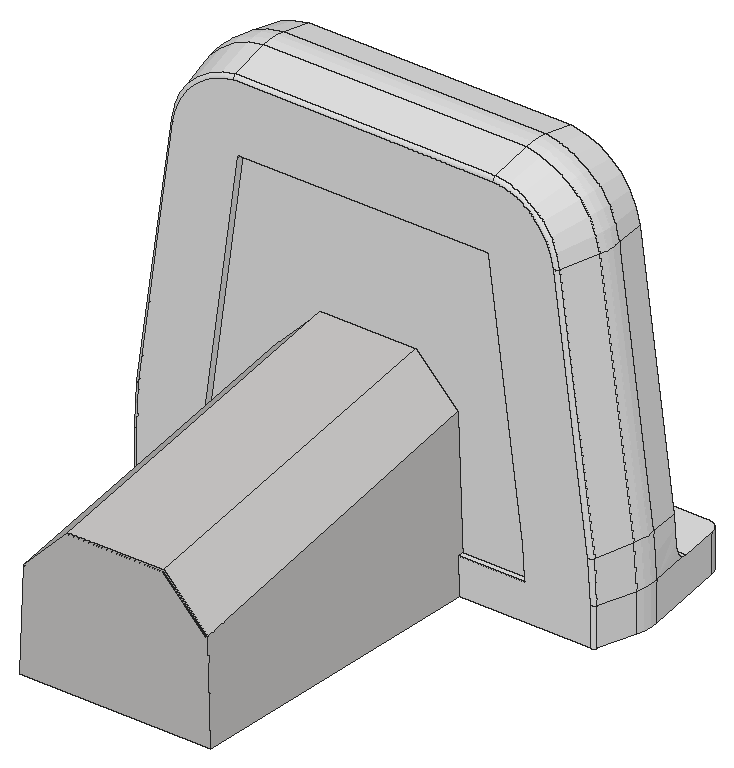
Revit family "3601-1-H", category Plumbing Fixtures, host Face, Revit 2018
Family settings
  Host = Face
  Round Connector Dimension = Use Diameter
  Part Type = Normal
  OmniClass Number = 23.45.05.14
  OmniClass Title = Plumbing Fixtures - Sanitary Washing Units
  Cut with Voids When Loaded = No
  Shared = Yes
  Room Calculation Point = No
Parameters (values of type "3601-1-H")
  Width = 20 3/8"  # constant formula
  Waste Connection = yes
  Warranty Documentation Link = "https://www.acorneng.com/terms-and-conditions"
  WFU = 2  # constant formula
  Vent Connection = no
  URL = "http://www.acorneng.com"
  Shroud Width = 8"  # constant formula
  ST - Single Temperature Valve = no
  SO-BAT- Sensor Operation (Batteries Not Included) = no
  SO - Sensor Operation = no
  Revised Date = "8/31/20"  # constant formula
  R31 31” ADA/CBC Children’s Rim Height = no
  Product Page URL = "https://www.acorneng.com/product.aspx?ProductId=976"
  Product Documentation Link = "https://www.acorneng.com/uploads/fileLibrary/3601.pdf"
  PPZ - Programmable Piezo Push button Electronic Metering = no
  OCT - Optional Terrazzo Colors, Specify = no
  OBC 33” Rim Height (Ontario Building Code) Note: (Sensor Operation Only) = no
  Model = "3601-1-H"  # constant formula
  Manufacturer = "Acorn Engineering"  # constant formula
  Length = 17"  # constant formula
  Installation Type = "Wall Mounted"  # constant formula
  HWFU = 1.5  # constant formula
  HW Connection = yes
  H - Hand Operation = yes
  Finish = Terrazzo-Acorn-White
  Description = "Acorn Terrazzo Uni-Lav - 1 Station - ADA Compliant"  # constant formula
  Default Elevation = 34"
  CWFU = 1.5  # constant formula
  CW Connection = yes
  Assembly Code = "D2010310"
  3601 Off-Floor, 1 Station Uni-Lav = yes
  1 - Off-Floor, Wall Outlet = yes
Reference planes (in)
  plane 1 "Center (Front/Back)": y = 34
  plane 2: z = 0
  plane 3 "Center (Left/Right)": x = 0
  plane 4: y = 39.75
  plane 5: y = 0
  plane 6: z = 12.8789062
  plane 7: y = 30
  plane 8: x = -4
  plane 9: x = 4
  plane 10: z = 17
  plane 11: x = 10.1875
  plane 12: x = -10.1875
  plane 13: y = 17
  plane 14: z = 8.5
  plane 15: z = 6
  plane 16: z = 4
  plane 17: x = 2
  plane 18: x = -2
  plane 19: y = 17.0625
  plane 20: y = 26.5
  plane 21: y = 24
  plane 22: x = 2.5
  plane 23: x = -2.5
Forms (in)
  Sweep 1, solid, material "Terrazzo-Acorn-White" <- "Finish"
    path origin (0, 30, 0) x (0, 0, -1) y (-1, 0, 0)
      loop
        line (0, 10.1876271) -> (-1.5972821, 10.1876271)
        arc (-1.5972821, 10.1876271) -> (-2.4963285, 10.1567144) -> (-3.3911283, 10.0641223) r 13.0891134
        line (-3.3911283, 10.0641223) -> (-13.7218068, 8.6348297)
        arc (-13.7218068, 8.6348297) -> (-15.764479, 7.5943072) -> (-16.7250659, 5.5128487) r 3.5
        arc (-16.7250659, 5.5128487) -> (-17.0027067, 0.0092189) -> (-16.7479544, -5.4955179) r 57.0386185
        arc (-16.7479544, -5.4955179) -> (-15.7909891, -7.5862272) -> (-13.743252, -8.6319906) r 3.5
        line (-13.743252, -8.6319906) -> (-3.3926981, -10.0639948)
        arc (-3.3926981, -10.0639948) -> (-2.4978717, -10.1565872) -> (-1.5987989, -10.1875) r 13.0898438
        line (-1.5987989, -10.1875) -> (0, -10.1875)
    profile origin (-10.1876271, 30, 0.798641) x (1, 0, 0) y (0, 1, 0)
      loop
        line (2.0274119, 4.75) -> (0.3994049, 4.75) -> (0.0358094, 2.6879471)
        arc (0.0358094, 2.6879471) -> (0.0022434, 2.1758294) -> (0.0803157, 1.6685859) r 2.3570832
        line (0.0803157, 1.6685859) -> (0.4935396, 0.1264131)
        arc (0.4935396, 0.1264131) -> (0.5544563, 0.0352449) -> (0.6582844, 0) r 0.1705563
        line (0.6582844, 0) -> (3.4082844, 0) -> (3.4082844, 2) -> (2.5274119, 2)
        arc (2.5274119, 2) -> (2.1738585, 2.1464466) -> (2.0274119, 2.5) r 0.5
        line (2.0274119, 2.5) -> (2.0274119, 4.75)
  Extrusion 2, solid, material "Terrazzo-Acorn-White" <- "Finish"
    sketch origin (0, 30, 0) x (0, 0, -1) y (-1, 0, 0)
      loop
        line (-1.5987989, -6.7792156) -> (-1.5, -6.7792156) -> (-1.5, 6.7793428) -> (-1.5972821, 6.7793428)
        arc (-1.5972821, 6.7793428) -> (-2.2622251, 6.7564794) -> (-2.9240273, 6.6879974) r 9.680829
        line (-2.9240273, 6.6879974) -> (-13.2546796, 5.2587084)
        arc (-13.2546796, 5.2587084) -> (-13.3082071, 5.2314423) -> (-13.3333791, 5.1768985) r 0.0917156
        arc (-13.3333791, 5.1768985) -> (-13.5944297, 0.0021324) -> (-13.3548999, -5.1736745) r 53.6303341
        arc (-13.3548999, -5.1736745) -> (-13.3298231, -5.2284604) -> (-13.2761632, -5.2558641) r 0.0917156
        line (-13.2761632, -5.2558641) -> (-2.9256094, -6.6878682)
        arc (-2.9256094, -6.6878682) -> (-2.2637745, -6.7563518) -> (-1.5987989, -6.7792156) r 9.6815594
    from 2 to 0.25
  Extrusion 3, solid, material "Terrazzo-Acorn-White" <- "Finish"
    sketch origin (0, 0, 0) x (1, 0, 0) y (0, 1, 0)
      loop
        line (-9.5034539, 36.3642803) -> (-9.9203403, 34) -> (-6.7792156, 30) -> (6.7792156, 30) -> (9.9203403, 34) -> (9.5034539, 36.3642803)
        arc (9.5034539, 36.3642803) -> (9.2469388, 36.8085775) -> (8.7648481, 36.9840442) r 0.75
        line (8.7648481, 36.9840442) -> (4.03125, 36.9840442) -> (4.03125, 35.8528448) -> (-4.03125, 35.8528448) -> (-4.03125, 36.9840442) -> (-8.7648481, 36.9840442)
        arc (-8.7648481, 36.9840442) -> (-9.2469388, 36.8085775) -> (-9.5034539, 36.3642803) r 0.75
    from 0 to 1.5330397
  Extrusion 4, solid, material "Terrazzo-Acorn-White" <- "Finish"
    sketch origin (0, 6.3946834, -25.2310832) x (0, 1, 0) y (0, 0, 1)
      loop
        line (25.6053166, 26.7641228) -> (27.3553166, 26.7641228)
        arc (27.3553166, 26.7641228) -> (26.1178797, 27.2766859) -> (25.6053166, 28.5141228) r 1.75
        line (25.6053166, 28.5141228) -> (25.6053166, 26.7641228)
    from -9.9203403 to 9.7880951
  Extrusion 5, solid, material "Terrazzo-Acorn-White" <- "Finish"
    sketch origin (0, 25.2773303, 0) x (0, 0, -1) y (-1, 0, 0)
      loop
        line (0, -4) -> (0, 4) -> (-7, 3.75) -> (-7, -3.75) -> (0, -4)
    from 10.6067644 to 14.4726697
  Sweep 6, void
    path origin (0, 39.75, 0) x (0, 0, -1) y (-1, 0, 0)
      loop
        line (0.2453807, 4.0087636) -> (-7, 3.75) -> (-7, -3.75) -> (0.3598237, -4.0128508)
    profile origin (0, 39.75, 7) x (0, 0, -1) y (0, 1, 0)
      loop
        line (0, -0.2341563) -> (0.1633529, 0) -> (0, 0) -> (0, -0.2341563)
  Revolve 7, solid, material "Terrazzo-Acorn-White"
    sketch origin (-0.0548843, -0.4285852, 0.1619302) x (0, 1, 0) y (-0.010872, 0, -0.999941)
      loop
        line (36.9377402, -4.3422599) -> (36.9377402, -4.1082599) -> (36.6317402, -4.1082599) -> (36.6317402, -3.5922599) -> (35.5015151, -3.5922599)
        arc (35.5015151, -3.5922599) -> (35.2472534, -3.7077154) -> (35.1432814, -3.9668849) r 0.375
        line (35.1432814, -3.9668849) -> (35.1432814, -4.3422599) -> (36.9377402, -4.3422599)
      axis (35.1432814, -4.3422599) -> (36.9377402, -4.3422599)
    angle from 0 to 360
  Revolve 8, solid, material "Terrazzo-Acorn-White"
    sketch origin (-0.0548843, -0.4285852, 0.1619302) x (0, 1, 0) y (-0.010872, 0, -0.999941)
      loop
        line (35.8494459, -4.6523853) -> (35.5495319, -4.5684597)
        arc (35.5495319, -4.5684597) -> (35.5130586, -4.5658196) -> (35.4783513, -4.5773382) r 0.0937225
        line (35.4783513, -4.5773382) -> (35.4068025, -4.618)
        arc (35.4068025, -4.618) -> (35.3791452, -4.6419236) -> (35.3627483, -4.6746102) r 0.0937225
        line (35.3627483, -4.6746102) -> (35.212219, -5.2214726)
        arc (35.212219, -5.2214726) -> (35.2089775, -5.24162) -> (35.2101735, -5.2619915) r 0.0937225
        line (35.2101735, -5.2619915) -> (35.2232673, -5.3393259)
        arc (35.2232673, -5.3393259) -> (35.2350389, -5.3633792) -> (35.2579958, -5.3771673) r 0.0472361
        line (35.2579958, -5.3771673) -> (35.2199253, -5.5241382) -> (35.1062655, -5.4932211) -> (34.9250333, -6.1594805) -> (34.9270408, -6.2217212) -> (35.3884253, -6.3472244) -> (35.8494459, -4.6523853)
      axis (35.8617336, -4.6558238) -> (35.3874893, -6.3505695)
    angle from 0 to 360
  Extrusion 9, solid, material "Metal-Acorn-Stainless-Steel"
    sketch origin (0, 65.0090948, -6.3756232) x (1, 0, 0) y (0, 1, 0)
      loop
        line (2.1301003, -26.0845134) -> (-2.1199266, -26.0845134) -> (-2.1199266, -28.5816457) -> (2.1301003, -28.5816457) -> (2.1301003, -26.0845134)
    from 13.4366418 to 13.2407548
  Extrusion 10, solid, material "Metal-Acorn-Stainless-Steel"
    sketch origin (0, 65.0090948, -6.3756232) x (1, 0, 0) y (0, 1, 0)
      loop
        line (0.8811517, -27.0078014) -> (-0.783699, -27.0078014) -> (-0.8888072, -27.195085) -> (-0.8888072, -27.5696522) -> (-0.783699, -27.7569357) -> (0.8811517, -27.7569357) -> (0.98626, -27.5696522) -> (0.98626, -27.195085) -> (0.8811517, -27.0078014)
    from 13.7407548 to 13.4366418
  Extrusion 11, void
    sketch origin (0, 0, 0) x (0, 1, 0) y (0, 0, 1)
      loop
        line (34, 17) -> (34, 2.2232677)
        arc (34, 2.2232677) -> (34.2021631, 1.7352028) -> (34.6902281, 1.5330397) r 0.6902281
        line (34.6902281, 1.5330397) -> (34.75, 1.5330397) -> (34.75, 17) -> (34, 17)
    from -10.1875 to 10.1875
  Extrusion 12, void
    sketch origin (0, 34, 0) x (1, 0, 0) y (0, 0, 1)
      loop
        circle (0, 7) r 0.75
    from 2 to 4
  Blend 13, solid, material "Metal-Acorn-Stainless-Steel"
    base sketch origin (0, 34, 0) x (1, 0, 0) y (0, 0, 1)
      loop
        line (-2, 6) -> (-3.8518519, 4.1481481) -> (-4, 0) -> (-3.9374602, 0) -> (-3.7902694, 4.1213423) -> (-1.9741117, 5.9375) -> (1.9741117, 5.9375) -> (3.7902694, 4.1213423) -> (3.9374602, 0) -> (4, 0) -> (3.8518519, 4.1481481) -> (2, 6) -> (-2, 6)
    top sketch origin (0, 34, 0) x (1, 0, 0) y (0, 0, 1)
      loop
        line (-2, 8.5) -> (-3.7592593, 6.7407407) -> (-4, 0) -> (-3.9374602, 0) -> (-3.6976768, 6.7139349) -> (-1.9741117, 8.4375) -> (1.9741117, 8.4375) -> (3.6976768, 6.7139349) -> (3.9374602, 0) -> (4, 0) -> (3.7592593, 6.7407407) -> (2, 8.5) -> (-2, 8.5)
    from 17 to 3.75
  Extrusion 14, solid, material "Metal-Acorn-Stainless-Steel"
    sketch origin (0, 34, 0) x (1, 0, 0) y (0, 0, 1)
      loop
        line (1.9741117, 5.9375) -> (-1.9741117, 5.9375) -> (-3.7902694, 4.1213423) -> (-3.9374602, 0) -> (3.9374602, 0) -> (3.7902694, 4.1213423) -> (1.9741117, 5.9375)
    from 16.9375 to 17
  Extrusion 15, solid
    sketch origin (0, 0, 0) x (1, 0, 0) y (0, 1, 0)
      loop
        circle (0, 26.5) r 0.75
    from -0.0973057 to 2.1775112
  Extrusion 16, solid
    sketch origin (0, 0, 0) x (1, 0, 0) y (0, 1, 0)
      loop
        circle (-2.4966321, 23.993807) r 0.4
      loop
        circle (2.500309, 23.9993117) r 0.4
    from -0.0973057 to 0.5198547
Cuts and joins
  Sweep 6 cuts Extrusion 5
  Extrusion 11, Extrusion 12 cuts Sweep 1
  Extrusion 12 cuts Extrusion 2
  Extrusion 11, Extrusion 12 cuts Extrusion 3
  joined: Sweep 1, Extrusion 2, Extrusion 3, Extrusion 4
  joined: Blend 13, Extrusion 14
Lines and regions (in)
  Masking region 1
    outline origin (0, 34, 0) x (1, 0, 0) y (0, 0, 1)
      loop
        line (10.1875, 0) -> (10.1875, 1.6517024)
        arc (10.1875, 1.6517024) -> (10.1585509, 2.5002729) -> (10.0718384, 3.3448975) r 12.4513552
        line (10.0718384, 3.3448975) -> (8.6456766, 13.7351331)
        arc (8.6456766, 13.7351331) -> (7.6023947, 15.7837107) -> (5.5132198, 16.7431143) r 3.5
        arc (5.5132198, 16.7431143) -> (-0.0113266, 17.0011154) -> (-5.5344933, 16.7150957) r 56.2240885
        arc (-5.5344933, 16.7150957) -> (-7.6123959, 15.7512801) -> (-8.649283, 13.7088587) r 3.5
        line (-8.649283, 13.7088587) -> (-10.0718384, 3.3448975)
        arc (-10.0718384, 3.3448975) -> (-10.1585509, 2.5002729) -> (-10.1875, 1.6517024) r 12.4513552
        line (-10.1875, 1.6517024) -> (-10.1875, 0) -> (10.1875, 0)
  symbolic lines, detail levels medium+fine
    curve 1: line (4, 34, 0) -> (3.75, 34, 7)
    curve 2: line (3.75, 34, 7) -> (2.1301003, 34, 7)
    curve 3: line (-3.75, 34, 7) -> (-4, 34, 0)
    curve 7: line (2.1301003, 34, 7) -> (2.1301003, 34, 7.0610186)
    curve 8: line (2.1301003, 34, 7.0610186) -> (0.98626, 34, 7.0610186)
    curve 9: line (0.98626, 34, 7.0610186) -> (0.98626, 34, 7.3651316)
    curve 10: line (0.98626, 34, 7.3651316) -> (0.6551175, 34, 7.3651316)
    curve 11: line (-0.6551175, 34, 7.3651316) -> (-0.8888072, 34, 7.3651316)
    curve 12: line (-0.8888072, 34, 7.3651316) -> (-0.8888072, 34, 7.0610186)
    curve 13: line (-0.8888072, 34, 7.0610186) -> (-2.1199266, 34, 7.0610186)
    curve 14: line (-2.1199266, 34, 7.0610186) -> (-2.1199266, 34, 7)
    curve 18: line (0.6551175, 34, 7.3651316) -> (-0.6551175, 34, 7.3651316)
    curve 19: arc (0.6551175, 34, 7.3651316) -> (0, 34, 7.75) -> (-0.6551175, 34, 7.3651316) r 0.75
    curve 20: line (8.3673516, 34, 13.7066391) -> (9.7993558, 34, 3.3560852)
    curve 21: arc (9.7993558, 34, 3.3560852) -> (9.8655054, 34, 2.7833894) -> (9.9058464, 34, 2.2082992) r 12.822684
    curve 29: arc (-9.9053539, 34, 2.2196494) -> (-9.8650352, 34, 2.7882589) -> (-9.7994834, 34, 3.3545144) r 12.8219537
    curve 30: line (-9.7994834, 34, 3.3545144) -> (-8.3701944, 34, 13.6851667)
    curve 31: arc (-8.3701944, 34, 13.6851667) -> (-7.4091019, 34, 15.5719347) -> (-5.4865151, 34, 16.4592072) r 3.2328403
    curve 32: arc (-5.4865151, 34, 16.4592072) -> (-0.0086634, 34, 16.7355475) -> (5.4702901, 34, 16.4819885) r 56.7714588
    curve 33: arc (5.4702901, 34, 16.4819885) -> (7.4014127, 34, 15.5980696) -> (8.3673516, 34, 13.7066391) r 3.2328403
    curve 34: spline (9.8516508, 34, 1.6019658) -> (9.8620465, 34, 1.631537) -> (9.8715798, 34, 1.6661859) -> (9.8801686, 34, 1.7056131) -> (9.8877385, 34, 1.7494783) -> (9.8942243, 34, 1.7974025) -> (9.8995699, 34, 1.8489719) -> (9.9037291, 34, 1.9037413) -> (9.9066661, 34, 1.9612376) -> (9.9083555, 34, 2.0209642) -> (9.9087826, 34, 2.0824055) -> (9.9079438, 34, 2.1450307) -> (9.9058464, 34, 2.2082992)
    curve 35: line (9.798663, 34, 1.5330396) -> (3.9452486, 34, 1.5330396)
    curve 36: spline (9.798663, 34, 1.5330396) -> (9.8032263, 34, 1.5335262) -> (9.8077833, 34, 1.5349852) -> (9.8123279, 34, 1.5374146) -> (9.8168537, 34, 1.5408111) -> (9.8213546, 34, 1.5451701) -> (9.8258243, 34, 1.5504855) -> (9.8302569, 34, 1.5567502) -> (9.8346461, 34, 1.5639554) -> (9.8389861, 34, 1.5720914) -> (9.8432707, 34, 1.5811469) -> (9.8474942, 34, 1.5911096) -> (9.8516508, 34, 1.6019658)
    curve 37: spline (-9.9053539, 34, 2.2196494) -> (-9.9071597, 34, 2.1542407) -> (-9.9077252, 34, 2.089437) -> (-9.9070452, 34, 2.0258348) -> (-9.905126, 34, 1.9640196) -> (-9.9019851, 34, 1.9045605) -> (-9.8976515, 34, 1.8480049) -> (-9.8921652, 34, 1.7948733) -> (-9.8855766, 34, 1.7456549) -> (-9.8779463, 34, 1.7008028) -> (-9.8693447, 34, 1.6607299) -> (-9.8598508, 34, 1.625805) -> (-9.8495522, 34, 1.5963496)
    curve 38: spline (-9.8495522, 34, 1.5963496) -> (-9.8455393, 34, 1.5863663) -> (-9.8414674, 34, 1.5772086) -> (-9.8373418, 34, 1.5688879) -> (-9.8331675, 34, 1.5614148) -> (-9.8289498, 34, 1.5547986) -> (-9.824694, 34, 1.5490476) -> (-9.8204056, 34, 1.5441691) -> (-9.8160897, 34, 1.5401692) -> (-9.811752, 34, 1.537053) -> (-9.8073978, 34, 1.5348243) -> (-9.8030326, 34, 1.5334859) -> (-9.798662, 34, 1.5330396)
    curve 41: line (-3.9452486, 34, 1.5330396) -> (-9.798662, 34, 1.5330396)
    curve 43: line (-2.1199266, 34, 7) -> (-3.75, 34, 7)
  symbolic lines, detail levels fine
    curve 4: line (3.5923769, 34, 6.8366471) -> (3.8365429, 34, 0)
    curve 5: line (-3.5923769, 34, 6.8366471) -> (3.5923769, 34, 6.8366471)
    curve 6: line (-3.8365429, 34, 0) -> (-3.5923769, 34, 6.8366471)
    curve 15: line (0.98626, 34, 7.0610186) -> (-0.8888072, 34, 7.0610186)
    curve 16: line (0.8811517, 34, 7.0610186) -> (0.8811517, 34, 7.3651316)
    curve 17: line (-0.783699, 34, 7.0610186) -> (-0.783699, 34, 7.3651316)
    curve 22: arc (8.1600881, 34, 1.5987989) -> (8.1339632, 34, 2.3586194) -> (8.0557119, 34, 3.1148512) r 11.0624318
    curve 23: line (8.0557119, 34, 3.1148512) -> (6.6237077, 34, 13.4654051)
    curve 24: arc (6.6237077, 34, 13.4654051) -> (6.1837138, 34, 14.3269689) -> (5.3040699, 34, 14.7296019) r 1.4725881
    curve 25: arc (5.3040699, 34, 14.7296019) -> (-0.0050035, 34, 14.9752991) -> (-5.3130093, 34, 14.707527) r 55.0112066
    curve 26: arc (-5.3130093, 34, 14.707527) -> (-6.1887651, 34, 14.3033663) -> (-6.6265514, 34, 13.4439264) r 1.4725881
    curve 27: line (-6.6265514, 34, 13.4439264) -> (-8.0558404, 34, 3.1132741)
    curve 28: arc (-8.0558404, 34, 3.1132741) -> (-8.1340907, 34, 2.3570725) -> (-8.1602152, 34, 1.5972821) r 11.0617015
    curve 39: line (-8.1602152, 34, 1.5330396) -> (-8.1602152, 34, 1.5972821)
    curve 40: line (8.1600881, 34, 1.5330396) -> (8.1600881, 34, 1.5987989)
    curve 42: line (2.1301003, 34, 7) -> (-2.1199266, 34, 7)
Dimensions and locks (in)
  plane 4 to plane 1 "Center (Front/Back)" = 5 3/4"
  plane 4 to plane 5 = 39 3/4"  (x2)
  plane 5 to plane 1 "Center (Front/Back)" = 34"
  "Length": host face to plane 10
  "Width": plane 11 to plane 12
  equal spacing: plane 11, plane 3 "Center (Left/Right)", plane 12
  plane 16 to host face = 4"
  plane 15 to host face = 6"
  plane 14 to host face = 8 1/2"
  locked: plane 19 to plane 13 at 0.0625
  "Shroud Width": plane 9 to plane 8
  plane 5 to plane 7 = 30"
  host face to plane 10 = 17"
  plane 1 "Center (Front/Back)" to plane 5 = 34"
  plane 7 to plane 5 = 30"
  plane 19 to plane 5 = 17 1/16"
  plane 8 to plane 9 = 8"
  plane 1 "Center (Front/Back)" to plane 20 = 7 1/2"
  plane 20 to plane 1 "Center (Front/Back)" = 7 1/2"
  equal spacing: plane 23, plane 3 "Center (Left/Right)", plane 22
  plane 23 to plane 22 = 5"
  diameter of Extrusion 12 sketch curve = 1 1/2"
  aligned and locked: plane 2 to host face
  aligned and locked: level to host face
  aligned and locked: Extrusion 11 to plane 12
  aligned and locked: plane 11 to Extrusion 11
  aligned and locked: Sweep 1 to Extrusion 12
  aligned and locked: Extrusion 4 to Extrusion 3
  aligned and locked: Extrusion 4 to Sweep 1
  aligned and locked: plane 15 to Blend 13 sketch curve
  aligned and locked: plane 13 to Blend 13
  aligned and locked: Blend 13 to cut or joined group of Sweep 1, Extrusion 2, Extrusion 3, Extrusion 4, Extrusion 11, Extrusion 12
  aligned and locked: plane 13 to Extrusion 14
  aligned and locked: Extrusion 14 to plane 19
  aligned and locked: Masking region 1 sketch curve to plane 11
Automatic sketch dimensions
  host sketch curve to host sketch curve = 96"
  host sketch curve to host sketch curve = 97"
  Revolve 7 sketch curve to plane 1 "Center (Front/Back)" = 0.7147"
  Revolve 7 sketch curve to Revolve 7 sketch curve = 0.35823"
  Revolve 7 sketch curve to Revolve 7 sketch curve = 0.01677"
  Revolve 7 sketch curve to Revolve 7 sketch curve = 1.13023"
  Revolve 7 sketch curve to Revolve 7 sketch curve = 0.306"
  Revolve 7 sketch curve to Revolve 7 sketch curve = 0.234"
  Revolve 7 sketch curve to Revolve 7 sketch curve = 0.37537"
  Revolve 7 sketch curve to Revolve 7 sketch curve = 0"  (x2)
  Revolve 7 sketch curve to Revolve 7 sketch curve = 0.05862"
  Extrusion 9 sketch curve to plane 4 = 0.82542"
  plane 8 to Extrusion 9 sketch curve = 1.88007"
  Extrusion 9 sketch curve to plane 9 = 1.8699"
  Extrusion 9 sketch curve to plane 1 "Center (Front/Back)" = 2.42745"
  Extrusion 5 sketch curve to level = 0"
  Extrusion 5 sketch curve to plane 9 = 0"
  Extrusion 5 sketch curve to plane 8 = 0"
  Extrusion 5 sketch curve to plane 9 = 1/4"
  Sweep 6 sketch curve to profile plane = 0"  (x2)
  Sweep 6 sketch curve to Sweep 6 sketch curve = 0.16335"
  Sweep 6 sketch curve to Sweep 6 sketch curve = 0.23416"
  plane 8 to Extrusion 5 sketch curve = 1/4"
  Sweep 6 sketch curve to Extrusion 5 = 0"  (x4)
  Extrusion 5 to Sweep 6 sketch curve = 0"
  Extrusion 5 to Sweep 6 sketch curve = 0.24538"
  Extrusion 5 to Sweep 6 sketch curve = 0.35982"
  Sweep 1 sketch curve to plane 11 = 0"
  Sweep 1 sketch curve to level = 0"  (x2)
  Sweep 1 sketch curve to plane 11 = 0.12351"
  Sweep 1 sketch curve to Sweep 1 sketch curve = 1.7939"
  plane 12 to Sweep 1 sketch curve = 0.12338"
  Sweep 1 sketch curve to plane 8 = 1.16786"
  plane 10 to Sweep 1 sketch curve = 3.75789"
  plane 9 to Sweep 1 sketch curve = 1.16501"
  plane 10 to Sweep 1 sketch curve = 3.73641"
  plane 12 to Sweep 1 sketch curve = 1.55267"
  plane 10 to Sweep 1 sketch curve = 3.27819"
  Sweep 1 sketch curve to plane 11 = 1.55551"
  plane 10 to Sweep 1 sketch curve = 3.25675"
  plane 3 "Center (Left/Right)" to Sweep 1 sketch curve = 7/64"
  Sweep 1 sketch curve to level = 40.03579"
  Sweep 1 sketch curve to plane 9 = 1.09851"
  Sweep 1 sketch curve to Sweep 1 sketch curve = 0"
  plane 1 "Center (Front/Back)" to Extrusion 3 sketch curve = 0"  (x2)
  plane 7 to Extrusion 3 sketch curve = 0"
  plane 12 to Extrusion 3 sketch curve = 0.26716"
  plane 12 to Extrusion 3 sketch curve = 0.68405"
  Extrusion 3 sketch curve to Extrusion 3 sketch curve = 0.73861"
  Extrusion 3 sketch curve to plane 8 = 2.77922"
  Extrusion 3 sketch curve to plane 8 = 1/32"
  plane 9 to Extrusion 3 sketch curve = 1/32"
  Extrusion 3 sketch curve to plane 11 = 1.42265"
  Extrusion 3 sketch curve to plane 11 = 0.68405"
  Extrusion 3 sketch curve to plane 11 = 0.26716"
  Extrusion 3 sketch curve to plane 1 "Center (Front/Back)" = 1.85284"
  Extrusion 3 sketch curve to plane 1 "Center (Front/Back)" = 2.23404"  (x2)
  Extrusion 3 sketch curve to Extrusion 3 sketch curve = 0.13024"  (x2)
  plane 9 to Extrusion 3 sketch curve = 2.77922"
  Sweep 1 sketch curve to profile plane = 0"
  Sweep 1 sketch curve to profile plane = 0.03581"
  Sweep 1 sketch curve to profile plane = 0.08032"
  Sweep 1 sketch curve to profile plane = 0.3994"
  profile plane to Sweep 1 sketch curve = 0.12641"
  Sweep 1 sketch curve to profile plane = 0.49354"
  Sweep 1 sketch curve to Sweep 1 sketch curve = 0.16474"
  Sweep 1 sketch curve to Sweep 1 sketch curve = 1.9916"
  Sweep 1 sketch curve to Sweep 1 sketch curve = 0.32967"
  Sweep 1 sketch curve to Sweep 1 sketch curve = 0.17033"
  Sweep 1 sketch curve to Sweep 1 sketch curve = 0.88087"
  Sweep 1 sketch curve to Sweep 1 sketch curve = 1.54217"
  profile plane to Sweep 1 sketch curve = 2"
  Sweep 1 sketch curve to Sweep 1 sketch curve = 0.22136"
  Sweep 1 sketch curve to Sweep 1 sketch curve = 2.06205"
  Extrusion 11 sketch curve to plane 1 "Center (Front/Back)" = 0"
  plane 10 to Extrusion 11 sketch curve = 0"
  Extrusion 11 sketch curve to plane 1 "Center (Front/Back)" = 0.69023"
  Extrusion 11 sketch curve to Extrusion 11 sketch curve = 0.05977"
  plane 9 to Extrusion 2 sketch curve = 1.25586"
  plane 10 to Extrusion 2 sketch curve = 3.72384"
  Extrusion 2 sketch curve to Extrusion 2 sketch curve = 0.01257"  (x2)
  Extrusion 2 sketch curve to plane 8 = 1.25871"
  plane 10 to Extrusion 2 sketch curve = 3.74532"
  Extrusion 2 sketch curve to Extrusion 2 sketch curve = 0.0988"
  plane 3 "Center (Left/Right)" to Extrusion 2 sketch curve = 7/64"
  Extrusion 2 sketch curve to level = 40.03579"
  plane 9 to Extrusion 2 sketch curve = 2.68787"
  Extrusion 2 sketch curve to Extrusion 2 sketch curve = 0.09135"
  Extrusion 2 sketch curve to Extrusion 2 sketch curve = 0.09085"  (x2)
  Extrusion 2 sketch curve to plane 9 = 1.09851"
  Extrusion 2 sketch curve to plane 8 = 2.688"
  Extrusion 2 sketch curve to Extrusion 2 sketch curve = 0"
  Revolve 8 sketch curve to plane 1 "Center (Front/Back)" = 0.49645"
  Revolve 8 sketch curve to Revolve 8 sketch curve = 0.00201"
  Revolve 8 sketch curve to plane 1 "Center (Front/Back)" = 0.67768"
  Revolve 8 sketch curve to Revolve 8 sketch curve = 0.10391"
  Revolve 8 sketch curve to Revolve 8 sketch curve = 0.00205"
  Revolve 8 sketch curve to Revolve 8 sketch curve = 0.11366"
  Revolve 8 sketch curve to Revolve 8 sketch curve = 0.01309"
  Revolve 8 sketch curve to Revolve 8 sketch curve = 0.03473"
  Revolve 8 sketch curve to Revolve 8 sketch curve = 0.01184"
  Revolve 8 sketch curve to Revolve 8 sketch curve = 0.03274"
  Revolve 8 sketch curve to Revolve 8 sketch curve = 0.15053"
  Revolve 8 sketch curve to Revolve 8 sketch curve = 0.46138"
  Revolve 8 sketch curve to Revolve 8 sketch curve = 0.04405"
  Revolve 8 sketch curve to Revolve 8 sketch curve = 0.04631"
  Revolve 8 sketch curve to Revolve 8 sketch curve = 0.07155"  (x2)
  Revolve 8 sketch curve to Revolve 8 sketch curve = 0.07118"
  Revolve 8 sketch curve to Revolve 8 sketch curve = 0.29991"
  Revolve 8 sketch curve to Revolve 8 sketch curve = 0.1255"
  Revolve 8 sketch curve to Revolve 8 sketch curve = 0.06224"
  Revolve 8 sketch curve to Revolve 8 sketch curve = 0.63534"
  Revolve 8 sketch curve to Revolve 8 sketch curve = 0.14697"
  Revolve 8 sketch curve to Revolve 8 sketch curve = 0.03784"
  Revolve 8 sketch curve to Revolve 8 sketch curve = 0.07733"
  Revolve 8 sketch curve to Revolve 8 sketch curve = 0.08509"
  Revolve 8 sketch curve to Revolve 8 sketch curve = 0.0471"
  Revolve 8 sketch curve to Revolve 8 sketch curve = 0.02487"
  Revolve 8 sketch curve to Revolve 8 sketch curve = 0.04066"  (x2)
  Revolve 8 sketch curve to Revolve 8 sketch curve = 0.06737"
  Revolve 8 sketch curve to Revolve 8 sketch curve = 0"  (x2)
  Revolve 8 sketch curve to Revolve 8 sketch curve = 0.24075"
  Extrusion 12 sketch curve to plane 3 "Center (Left/Right)" = 0"
  Extrusion 4 sketch curve to plane 4 = 6"
  plane 10 to Extrusion 4 sketch curve = 13.71696"
  plane 1 "Center (Front/Back)" to Extrusion 4 sketch curve = 1/4"
  Extrusion 4 sketch curve to Extrusion 4 sketch curve = 1 3/4"
  Extrusion 4 sketch curve to Extrusion 4 sketch curve = 0"  (x2)
  Extrusion 5 sketch curve to plane 15 = 1"
  Extrusion 12 sketch curve to plane 15 = 1"
  plane 15 to Sweep 1 sketch curve = 2.6073"
  plane 15 to Sweep 1 sketch curve = 2.60887"
  level to Sweep 1 sketch curve = 1.59728"
  level to Extrusion 2 sketch curve = 2.92561"
  level to Extrusion 2 sketch curve = 2.92403"
  Extrusion 2 sketch curve to Extrusion 2 sketch curve = 1.32681"
  Extrusion 2 sketch curve to Extrusion 2 sketch curve = 0.09728"
  level to Extrusion 4 sketch curve = 1.53304"
  level to Extrusion 11 sketch curve = 2.22327"
  Blend 13 sketch curve to level = 0"  (x4)
  Blend 13 sketch curve to plane 18 = 0"
  Blend 13 sketch curve to plane 17 = 0"
  plane 18 to Blend 13 sketch curve = 0.02589"
  Blend 13 sketch curve to plane 17 = 0.02589"
  plane 15 to Blend 13 sketch curve = 1/16"
  plane 8 to Blend 13 sketch curve = 0.24074"
  Blend 13 sketch curve to plane 14 = 0"
  Blend 13 sketch curve to plane 3 "Center (Left/Right)" = 2"
  Blend 13 sketch curve to Blend 13 sketch curve = 0.02589"  (x2)
  plane 14 to Blend 13 sketch curve = 1/16"
  plane 3 "Center (Left/Right)" to Blend 13 sketch curve = 1.97411"
  Blend 13 sketch curve to plane 9 = 0.06254"  (x2)
  Blend 13 sketch curve to plane 15 = 0.71393"  (x2)
  Blend 13 sketch curve to plane 9 = 0.14815"
  plane 15 to Blend 13 sketch curve = 1.85185"  (x2)
  plane 8 to Blend 13 sketch curve = 0.14815"
  Blend 13 sketch curve to plane 16 = 0.12134"
  Blend 13 sketch curve to Blend 13 sketch curve = 0.06158"  (x4)
  Blend 13 sketch curve to Blend 13 sketch curve = 0.02681"  (x3)
  Blend 13 sketch curve to plane 8 = 0"  (x2)
  plane 8 to Blend 13 sketch curve = 0.06254"  (x2)
  Blend 13 sketch curve to plane 9 = 0"  (x2)
  Blend 13 sketch curve to plane 9 = 0.24074"
  plane 15 to Extrusion 14 sketch curve = 1/16"
  plane 3 "Center (Left/Right)" to Extrusion 14 sketch curve = 1.97411"
  Extrusion 14 sketch curve to plane 3 "Center (Left/Right)" = 1.97411"
  Extrusion 14 sketch curve to plane 9 = 0.20973"
  Extrusion 14 sketch curve to plane 16 = 0.12134"  (x2)
  plane 8 to Extrusion 14 sketch curve = 0.06254"
  plane 8 to Extrusion 14 sketch curve = 0.20973"
  plane 3 "Center (Left/Right)" to Extrusion 14 sketch curve = 3.93746"
  Extrusion 14 sketch curve to level = 0"
  Extrusion 10 sketch curve to plane 3 "Center (Left/Right)" = 0.88881"
  Extrusion 10 sketch curve to Extrusion 10 sketch curve = 0.10511"  (x4)
  plane 3 "Center (Left/Right)" to Extrusion 10 sketch curve = 0.88115"
  Extrusion 10 sketch curve to plane 4 = 2.31056"
  Extrusion 10 sketch curve to Extrusion 10 sketch curve = 0.56185"  (x2)
  Extrusion 10 sketch curve to Extrusion 10 sketch curve = 0.18728"  (x3)
  Masking region 1 sketch curve to plane 12 = 0"
  Masking region 1 sketch curve to level = 0"
  plane 12 to Masking region 1 sketch curve = 0.11566"
  plane 12 to Masking region 1 sketch curve = 1.53822"
  Masking region 1 sketch curve to plane 8 = 1.18179"
  plane 8 to Masking region 1 sketch curve = 1.73614"
  plane 3 "Center (Left/Right)" to Masking region 1 sketch curve = 0.13127"
  Masking region 1 sketch curve to plane 9 = 1.73614"
  plane 9 to Masking region 1 sketch curve = 1.17819"
  Masking region 1 sketch curve to plane 11 = 1.54182"
  Masking region 1 sketch curve to plane 11 = 0.11566"
  Masking region 1 sketch curve to level = 39.22279"
  level to Masking region 1 sketch curve = 1.6517"  (x2)
  plane 10 to Masking region 1 sketch curve = 3.76709"
  plane 10 to Masking region 1 sketch curve = 3.74081"
  plane 10 to Masking region 1 sketch curve = 3.29114"
  plane 10 to Masking region 1 sketch curve = 3.26487"
  Masking region 1 sketch curve to Masking region 1 sketch curve = 0"
  curve 21 to curve 22 = 0"  (x2)
  curve 24 to curve 33 = 0"  (x2)
  curve 25 to curve 32 = 0"  (x2)
  curve 26 to curve 31 = 0"  (x2)
  curve 28 to curve 29 = 0"  (x2)
  curve 3 to level = 0"
  curve 3 to plane 8 = 0"
  curve 6 to level = 0"
  curve 19 to plane 3 "Center (Left/Right)" = 0"
  curve 4 to level = 0"
  curve 1 to level = 0"
  curve 1 to plane 9 = 0"
  curve 31 to plane 8 = 1.16786"
  curve 27 to curve 26 = 1.45869"
  plane 16 to curve 27 = 227/256"
  plane 12 to curve 27 = 2.13166"
  curve 39 to curve 27 = 0.10437"
  curve 30 to curve 26 = 1.74364"
  plane 12 to curve 41 = 0.38884"
  plane 12 to curve 30 = 0.38802"
  plane 8 to curve 43 = 1/4"
  curve 43 to curve 6 = 0.15762"
  plane 8 to curve 22 = 1 25/256"
  curve 5 to curve 13 = 1.47245"
  curve 13 to plane 3 "Center (Left/Right)" = 0.88881"
  curve 11 to curve 18 = 0.23369"
  plane 3 "Center (Left/Right)" to curve 25 = 7/64"
  curve 19 to curve 8 = 0.33114"
  curve 8 to curve 8 = 1.14384"
  curve 29 to plane 9 = 1.09851"
  curve 5 to plane 9 = 0.40762"
  curve 4 to curve 2 = 0.15762"
  plane 9 to curve 24 = 1.16501"
  curve 24 to curve 23 = 1.45869"
  plane 16 to curve 23 = 0.88515"
  curve 23 to plane 11 = 2.13179"
  curve 23 to curve 40 = 0.10438"
  curve 23 to curve 20 = 1.74364"
  curve 35 to plane 11 = 0.38884"
  curve 20 to plane 11 = 0.38814"
  curve 25 to level = 40.03579"
  level to curve 35 = 1.53304"
  plane 16 to curve 30 = 0.64549"
  plane 16 to curve 20 = 0.64391"
  curve 5 to plane 15 = 0.83665"
  curve 4 to curve 2 = 0.16335"
  curve 19 to plane 15 = 1"
  curve 19 to curve 12 = 0.06102"
  curve 16 to curve 18 = 0.30411"
  plane 10 to curve 31 = 3.75789"
  plane 10 to curve 24 = 3.73641"
  curve 26 to curve 27 = 0.20182"
  curve 24 to curve 23 = 0.20181"
  curve 26 to curve 30 = 0.24124"
  curve 23 to curve 20 = 0.24123"
  curve 25 to curve 26 = 0"
  curve 32 to curve 31 = 0"
  curve 38 to curve 37 = 0.02624"
  curve 37 to curve 41 = 0.00005"
  curve 37 to curve 37 = 0.05084"
  curve 37 to curve 38 = 0.10669"
  plane 8 to curve 41 = 0.05475"
  curve 3 to curve 6 = 0.16346"
  curve 11 to curve 17 = 0.10511"
  curve 16 to curve 9 = 0.10511"
  curve 4 to plane 9 = 0.16346"
  curve 34 to curve 36 = 0.03647"
  curve 34 to curve 36 = 0.00338"
  curve 34 to curve 36 = 0.05637"
  curve 36 to curve 34 = 0.10718"
  curve 36 to curve 34 = 0.00433"
  curve 41 to curve 37 = 0.00441"
  curve 34 to curve 36 = 3/128"
  curve 37 to curve 38 = 0.02304"
  Extrusion 15 sketch curve to plane 3 "Center (Left/Right)" = 0"
  plane 20 to Extrusion 15 sketch curve = 0"
  plane 23 to Extrusion 16 sketch curve = 0.00337"
  plane 22 to Extrusion 16 sketch curve = 0.00031"
  plane 21 to Extrusion 16 sketch curve = 0.00619"
  plane 21 to Extrusion 16 sketch curve = 0.00069"
  radius of Extrusion 15 sketch curve = 3/4"
  radius of Extrusion 16 sketch curve = 0.4"  (x2)
Connectors (in)
  piping at (0, 26.5, -0.0973057), diameter 1.5
    settings: on Extrusion 15, index 1, connector inside diameter 24", connector length 0", flow factor 0, pipe flow 0 GPM, pressure drop 0.00 psi, fitting loss kfactor 0, connector angle 0.00°, fixture units 0, engagement length 0", angle of deflection 0.00°, flow configuration 2, flow direction 2, fitting loss method 0, system type 16, joint type 0, gender type 0, connector reference index -1, connector utility 0, adjustable connector no, is connector primary yes, connector description "1-1/2\" OD P TRAP Waste Outlet Connection"
  piping at (2.500309, 23.9993117, -0.0973057), diameter 0.75
    settings: on Extrusion 16, index 2, connector inside diameter 24", connector length 0", flow factor 0, pipe flow 0 GPM, pressure drop 0.00 psi, fitting loss kfactor 0, connector angle 0.00°, fixture units 0, engagement length 0", angle of deflection 0.00°, flow configuration 2, flow direction 1, fitting loss method 0, system type 20, joint type 0, gender type 0, connector reference index -1, connector utility 0, adjustable connector no, is connector primary no, connector description "1/2\" NPT Inlet Connection"
  piping at (-2.4966321, 23.993807, -0.0973057), diameter 0.75
    settings: on Extrusion 16, index 3, connector inside diameter 24", connector length 0", flow factor 0, pipe flow 0 GPM, pressure drop 0.00 psi, fitting loss kfactor 0, connector angle 0.00°, fixture units 0, engagement length 0", angle of deflection 0.00°, flow configuration 2, flow direction 1, fitting loss method 0, system type 19, joint type 0, gender type 0, connector reference index -1, connector utility 0, adjustable connector no, is connector primary no, connector description "1/2\" NPT Inlet Connection"
